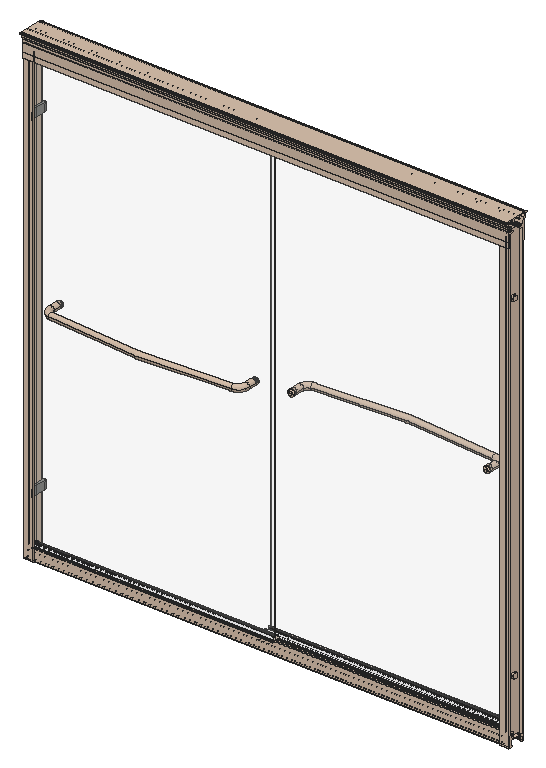
Revit family "Shower-Shower_Door-KOHLER-Fluence-K-702200_1", category Specialty Equipment, host Face, Revit 2021 (continued)
Definition of nested family "K-702200"
  Lines and regions (in)
    Masking region 3
      outline origin (25.14417, 2.44719, 48) x (0, 1, 0) y (0, 0, 1)
        loop
          line (0.16641, 1.53379) -> (0.16641, 7.03875) -> (0.23141, 7.03875) -> (0.23141, 7.67875)
          arc (0.23141, 7.67875) -> (0.24986, 8.28159) -> (0.30514, 8.88217) r 9.85743
          arc (0.30514, 8.88217) -> (0.32848, 9.03828) -> (0.35992, 9.19297) r 3.03223
          arc (0.35992, 9.19297) -> (0.38266, 9.30258) -> (0.4045, 9.41239) r 13.47898
        loop
          arc (0.5564, 9.9015) -> (0.55798, 9.91829) -> (0.54365, 9.92717) r 0.016
          line (0.54365, 9.92717) -> (-0.39357, 9.92717)
          arc (-0.39357, 9.92717) -> (-0.40806, 9.92117) -> (-0.41406, 9.90668) r 0.02049
          line (-0.41406, 9.90668) -> (-0.41406, 9.71831)
          arc (-0.41406, 9.71831) -> (-0.41008, 9.70034) -> (-0.39887, 9.68574) r 0.04252
          line (-0.39887, 9.68574) -> (-0.31509, 9.61544) -> (-0.31509, 9.55017) -> (-0.46406, 9.67517) -> (-0.46406, 9.9067)
          arc (-0.46406, 9.9067) -> (-0.47006, 9.92117) -> (-0.48453, 9.92717) r 0.02047
          line (-0.48453, 9.92717) -> (-1.27961, 9.92717)
          arc (-1.27961, 9.92717) -> (-1.29409, 9.92117) -> (-1.30008, 9.9067) r 0.02047
          line (-1.30008, 9.9067) -> (-1.30008, 9.67517) -> (-1.44905, 9.55017) -> (-1.44905, 9.61544) -> (-1.36527, 9.68574)
          arc (-1.36527, 9.68574) -> (-1.35407, 9.70034) -> (-1.35008, 9.71831) r 0.04252
          line (-1.35008, 9.71831) -> (-1.35008, 9.90611)
          arc (-1.35008, 9.90611) -> (-1.35625, 9.921) -> (-1.37114, 9.92717) r 0.02106
          line (-1.37114, 9.92717) -> (-2.30779, 9.92717)
          arc (-2.30779, 9.92717) -> (-2.32212, 9.91829) -> (-2.32054, 9.9015) r 0.016
          arc (-2.32054, 9.9015) -> (-2.19473, 9.69582) -> (-2.11215, 9.4693) r 1.211
          arc (-2.11215, 9.4693) -> (-2.03193, 9.10379) -> (-1.97656, 8.73369) r 5.54
          arc (-1.97656, 8.73369) -> (-1.96917, 8.71946) -> (-1.95418, 8.71375) r 0.02252
          line (-1.95418, 8.71375) -> (-1.80525, 8.71375)
          arc (-1.80525, 8.71375) -> (-1.79026, 8.70754) -> (-1.78405, 8.69255) r 0.02119
          line (-1.78405, 8.69255) -> (-1.78405, 8.65037)
          arc (-1.78405, 8.65037) -> (-1.71774, 8.62766) -> (-1.64876, 8.61522) r 0.46285
          arc (-1.64876, 8.61522) -> (-1.58441, 8.6214) -> (-1.52346, 8.64293) r 0.26583
          arc (-1.52346, 8.64293) -> (-1.50881, 8.65203) -> (-1.50309, 8.66829) r 0.02597
          line (-1.50309, 8.66829) -> (-1.50309, 8.76401)
          arc (-1.50309, 8.76401) -> (-1.47502, 8.76364) -> (-1.46109, 8.73927) r 0.02829
          line (-1.46109, 8.73927) -> (-1.46109, 8.66922)
          arc (-1.46109, 8.66922) -> (-1.46799, 8.6381) -> (-1.48738, 8.6128) r 0.07368
          arc (-1.48738, 8.6128) -> (-1.66515, 8.56463) -> (-1.83501, 8.63585) r 0.28353
          arc (-1.83501, 8.63585) -> (-1.85018, 8.64541) -> (-1.86779, 8.64875) r 0.04811
          line (-1.86779, 8.64875) -> (-1.94477, 8.64875)
          arc (-1.94477, 8.64875) -> (-1.95979, 8.6422) -> (-1.96523, 8.62674) r 0.02051
          arc (-1.96523, 8.62674) -> (-1.93922, 8.15306) -> (-1.93055, 7.67875) r 12.97575
          line (-1.93055, 7.67875) -> (-1.93055, 8.562) -> (-1.39274, 8.562) -> (-1.39274, 8.81932) -> (-1.40673, 8.79186) -> (-1.51678, 8.79186) -> (-1.51678, 8.66553) -> (-1.54686, 8.63545) -> (-1.73673, 8.63545) -> (-1.76678, 8.66551) -> (-1.76678, 9.3565) -> (-1.73679, 9.3865) -> (-1.54664, 9.3865) -> (-1.51678, 9.35664) -> (-1.51678, 9.2303) -> (-1.40673, 9.2303) -> (-1.39274, 9.20284) -> (-1.39274, 9.25601)
          arc (-1.39274, 9.25601) -> (-1.35274, 9.29601) -> (-1.31274, 9.25601) r 0.04
          line (-1.31274, 9.25601) -> (-1.31274, 8.562) -> (-0.4514, 8.562) -> (-0.4514, 9.25601)
          arc (-0.4514, 9.25601) -> (-0.4114, 9.29601) -> (-0.3714, 9.25601) r 0.04
          line (-0.3714, 9.25601) -> (-0.3714, 9.20284) -> (-0.35741, 9.2303) -> (-0.2464, 9.2303) -> (-0.2464, 9.3576) -> (-0.2175, 9.3865) -> (-0.0264, 9.3865) -> (0.0036, 9.3565) -> (0.0036, 8.66544) -> (-0.02639, 8.63545) -> (-0.21632, 8.63545) -> (-0.2464, 8.66553) -> (-0.2464, 8.79186) -> (-0.35741, 8.79186) -> (-0.3714, 8.81932) -> (-0.3714, 8.562) -> (0.16641, 8.562) -> (0.16641, 7.67875)
          arc (0.16641, 7.67875) -> (0.17508, 8.15306) -> (0.20108, 8.62674) r 12.97575
          arc (0.20108, 8.62674) -> (0.19565, 8.6422) -> (0.18062, 8.64875) r 0.02051
          line (0.18062, 8.64875) -> (0.10365, 8.64875)
          arc (0.10365, 8.64875) -> (0.08603, 8.64541) -> (0.07087, 8.63585) r 0.04811
          arc (0.07087, 8.63585) -> (-0.09441, 8.56498) -> (-0.26907, 8.60777) r 0.28353
          arc (-0.26907, 8.60777) -> (-0.29331, 8.63434) -> (-0.30209, 8.66922) r 0.07368
          line (-0.30209, 8.66922) -> (-0.30209, 8.73927)
          arc (-0.30209, 8.73927) -> (-0.28816, 8.76364) -> (-0.26009, 8.76401) r 0.02829
          line (-0.26009, 8.76401) -> (-0.26009, 8.66829)
          arc (-0.26009, 8.66829) -> (-0.25542, 8.65343) -> (-0.24308, 8.64391) r 0.02597
          arc (-0.24308, 8.64391) -> (-0.18105, 8.62416) -> (-0.11658, 8.6151) r 0.38663
          arc (-0.11658, 8.6151) -> (-0.04699, 8.62751) -> (0.01991, 8.65037) r 0.46285
          line (0.01991, 8.65037) -> (0.01991, 8.69255)
          arc (0.01991, 8.69255) -> (0.02611, 8.70754) -> (0.0411, 8.71375) r 0.02119
          line (0.0411, 8.71375) -> (0.19004, 8.71375)
          arc (0.19004, 8.71375) -> (0.20503, 8.71946) -> (0.21241, 8.73369) r 0.02252
          arc (0.21241, 8.73369) -> (0.26778, 9.10379) -> (0.34801, 9.4693) r 5.54
          arc (0.34801, 9.4693) -> (0.43058, 9.69582) -> (0.5564, 9.9015) r 1.211
        loop
          arc (-1.39637, -47.07406) -> (-1.40172, -47.08811) -> (-1.41555, -47.094) r 0.01919
          line (-1.41555, -47.094) -> (-1.4718, -47.094)
          arc (-1.4718, -47.094) -> (-1.48579, -47.0998) -> (-1.49159, -47.1138) r 0.0198
          line (-1.49159, -47.1138) -> (-1.49159, -47.23049) -> (-1.44467, -47.23049)
          arc (-1.44467, -47.23049) -> (-1.46122, -47.2238) -> (-1.46771, -47.20717) r 0.02254
          line (-1.46771, -47.20717) -> (-1.46431, -47.1098) -> (-1.432, -47.1098)
          arc (-1.432, -47.1098) -> (-1.41711, -47.11328) -> (-1.40529, -47.12299) r 0.03363
          arc (-1.40529, -47.12299) -> (-1.38613, -47.14138) -> (-1.36233, -47.15317) r 0.08743
          line (-1.36233, -47.15317) -> (-1.37943, -46.66399) -> (-1.41242, -46.66399) -> (-1.39637, -47.07406)
        loop
          line (-1.52671, -46.36082) -> (-1.6673, -46.34834) -> (-1.68477, -46.37612) -> (-1.52849, -46.39274) -> (-1.52671, -46.36082)
        loop
          line (0.09641, -47.435) -> (0.11641, -47.46964) -> (0.11641, -47.40036) -> (0.09641, -47.435)
    Masking region 4
      outline origin (0, -2.05628, 0) x (0, 0, -1) y (-1, 0, 0)
        loop
          line (-1.92631, 0.064) -> (-1.92631, 29.32911) -> (0.00009, 29.32911) -> (0.00009, 30.532) -> (-55.03875, 30.532) -> (-55.03875, 0.064) -> (-1.92631, 0.064)
    symbolic lines, detail levels medium+fine
      curve 1: circle (1.39417, 0, 28.85501) r 0.37506 normal (0, -1, 0)
      curve 2: circle (25.39417, 0, 28.85501) r 0.37506 normal (0, -1, 0)
      curve 3: arc (-2.8125, 0, 28.47942) -> (-2.43692, 0, 28.85501) -> (-2.8125, 0, 29.23059) r 0.37558
      curve 4: line (-2.8125, 0, 29.23059) -> (-26.8125, 0, 29.23059)
      curve 5: line (-2.8125, 0, 28.47942) -> (-26.8125, 0, 28.47942)
      curve 6: arc (-26.8125, 0, 29.23059) -> (-27.18808, 0, 28.85501) -> (-26.8125, 0, 28.47942) r 0.37558
      curve 7: line (-0.1001, 0, 55.03875) -> (29.11367, 0, 55.03875)
      curve 8: line (-29.32911, 0, 1.63095) -> (-29.32911, 0, 55.03875)
      curve 9: line (27.88876, 0, 0.016) -> (27.88876, 0, 55.03875)
      curve 10: line (-0.1001, 0, 1.92631) -> (-0.1001, 0, 55.03875)
      curve 11: line (0, 0, 1.41087) -> (0, 0, 1.92631)
      curve 12: line (1.01881, 3.134, 0) -> (1.77221, 3.134, 0)
      curve 13: line (-3.1924, 0, 0) -> (-2.42748, 0, 0)
      curve 14: line (25.00737, 3.134, 0) -> (25.76953, 3.134, 0)
      curve 15: line (-27.18554, 0, 0) -> (-26.43034, 0, 0)
      curve 16: line (27.88876, 0, 1.63095) -> (-29.32911, 0, 1.63095)
      curve 17: line (29.11367, 3.08477, 0) -> (-30.532, 3.08477, 0)
      curve 18: line (-30.532, 0.04923, 0) -> (29.11367, 0.04923, 0)
      curve 19: line (20.1048, 0.56672, 0) -> (20.1048, 0.56672, 56.562)
      curve 20: line (20.1048, 0.5327, 56.562) -> (20.1048, 0.5327, 0)
      curve 21: line (20.1048, 0.5247, 56.562) -> (20.1048, 0.5247, 0)
      curve 22: line (20.1048, 0.57472, 56.562) -> (20.1048, 0.57472, 0)
      curve 23: line (20.1048, 2.48253, 0.71783) -> (20.1048, 1.00253, 0.76951)
      curve 24: line (20.1048, 2.4825, 0.7488) -> (20.1048, 1.14254, 0.79507)
      curve 25: arc (20.1048, 2.56175, 0.64896) -> (20.1048, 2.54518, 0.71718) -> (20.1048, 2.4825, 0.7488) r 0.08372
      curve 26: arc (20.1048, 2.56302, 0.63448) -> (20.1048, 2.53961, 0.69242) -> (20.1048, 2.48253, 0.71783) r 0.0834
      curve 27: line (20.1048, 0.982, 0.86506) -> (20.1048, 1.00716, 0.86506)
      curve 28: arc (20.1048, 1.00716, 0.86506) -> (20.1048, 1.0217, 0.86307) -> (20.1048, 1.03517, 0.85725) r 0.0541
      curve 29: line (20.1048, 1.06777, 1.33601) -> (20.1048, 1.05948, 1.57316)
      curve 30: line (20.1048, 1.03477, 1.33601) -> (20.1048, 1.02666, 1.5433)
      curve 31: line (20.1048, 0.97216, 1.60158) -> (20.1048, 0.9187, 1.60726)
      curve 32: arc (20.1048, 1.02666, 1.5433) -> (20.1048, 1.01026, 1.58259) -> (20.1048, 0.97216, 1.60158) r 0.061
      curve 33: arc (20.1048, 1.14254, 0.79507) -> (20.1048, 1.1043, 0.81047) -> (20.1048, 1.08486, 0.84683) r 0.06038
      curve 34: arc (20.1048, 1.03517, 0.85725) -> (20.1048, 1.05913, 0.84781) -> (20.1048, 1.08486, 0.84683) r 0.07667
      curve 35: line (20.1048, 1.00394, 1.63176) -> (20.1048, 0.92048, 1.63918)
      curve 36: line (20.1048, 0.77989, 1.65166) -> (20.1048, 0.72429, 1.65696)
      curve 37: line (20.1048, 0.76243, 1.62388) -> (20.1048, 0.70715, 1.62969)
      curve 38: arc (20.1048, 1.05948, 1.57316) -> (20.1048, 1.0428, 1.61297) -> (20.1048, 1.00394, 1.63176) r 0.06097
      curve 39: line (20.1048, 0.97031, 1.63475) -> (20.1048, 0.9686, 1.60195)
      curve 40: line (20.1048, 0.97641, 1.63421) -> (20.1048, 0.97641, 1.60097)
      curve 41: line (20.1048, 0.97641, 1.42237) -> (20.1048, 0.97641, 1.54893)
      curve 42: arc (20.1048, 0.98666, 1.41455) -> (20.1048, 0.9796, 1.41593) -> (20.1048, 0.97641, 1.42237) r 0.00811
      curve 43: arc (20.1048, 1.03247, 1.39494) -> (20.1048, 1.04897, 1.39026) -> (20.1048, 1.06596, 1.38782) r 0.12854
      curve 44: line (20.1048, 0.73576, 1.58146) -> (20.1048, 0.69494, 1.5858)
      curve 45: line (20.1048, 0.6746, 1.56751) -> (20.1048, 0.6746, 1.48969)
      curve 46: line (20.1048, 0.6296, 1.50495) -> (20.1048, 0.6296, 1.41568)
      curve 47: arc (20.1048, 0.69494, 1.5858) -> (20.1048, 0.68069, 1.58119) -> (20.1048, 0.6746, 1.56751) r 0.01839
      curve 48: arc (20.1048, 0.59121, 1.44543) -> (20.1048, 0.58974, 1.43659) -> (20.1048, 0.59121, 1.42775) r 0.02721
      curve 49: line (20.1048, 0.95641, 1.38601) -> (20.1048, 0.96597, 1.55698)
      curve 50: line (20.1048, 0.98778, 1.38601) -> (20.1048, 0.95641, 1.38601)
      curve 51: line (20.1048, 0.98115, 1.55537) -> (20.1048, 0.98974, 1.33601)
      curve 52: line (20.1048, 0.91618, 1.56227) -> (20.1048, 0.98115, 1.55537)
      curve 53: arc (20.1048, 0.96597, 1.55698) -> (20.1048, 0.97868, 1.54559) -> (20.1048, 0.98219, 1.52888) r 0.02743
      curve 54: line (20.1048, 1.03282, 1.38601) -> (20.1048, 1.06602, 1.38601)
      curve 55: line (20.1048, 1.06145, 0.78904) -> (20.1048, 1.64435, 0.76868)
      curve 56: arc (20.1048, 1.00382, 0.8065) -> (20.1048, 1.0315, 0.79401) -> (20.1048, 1.06145, 0.78904) r 0.11746
      curve 57: line (20.1048, 1.00382, 0.8065) -> (20.1048, 1.00382, 0.86506)
      curve 58: line (20.1048, 2.6056, 56.562) -> (20.1048, 2.6056, 0)
      curve 59: line (20.1048, 2.5716, 56.562) -> (20.1048, 2.5716, 0)
      curve 60: line (20.1048, 2.5636, 0) -> (20.1048, 2.5636, 0.53036)
      curve 61: line (20.1048, 2.6136, 0.14503) -> (20.1048, 2.6136, 1.60672)
      curve 62: line (20.1048, 2.5636, 0.59964) -> (20.1048, 2.5636, 56.562)
      curve 63: line (20.1048, 2.5496, 56.562) -> (20.1048, 2.5496, 0.71107)
      curve 64: arc (20.1048, 4.02527, 29.23003) -> (20.1048, 4.40029, 28.85501) -> (20.1048, 4.02527, 28.47999) r 0.37502
      curve 65: line (20.1048, 3.0406, 29.23003) -> (20.1048, 3.0406, 28.47999)
      curve 66: arc (20.1048, -0.89503, 29.23003) -> (20.1048, -1.27006, 28.85501) -> (20.1048, -0.89503, 28.47999) r 0.37502
      curve 67: line (20.1048, 0.08964, 29.23003) -> (20.1048, 0.08964, 28.47999)
      curve 68: arc (20.1048, 2.5476, 0) -> (20.1048, 2.55891, 0.00469) -> (20.1048, 2.5636, 0.016) r 0.016
      curve 69: line (20.1048, 1.68539, 7.67378) -> (20.1048, 1.46281, 7.67378)
      curve 70: arc (20.1048, 1.46281, 7.67378) -> (20.1048, 1.41862, 7.65548) -> (20.1048, 1.40032, 7.61129) r 0.06249
      curve 71: line (20.1048, 1.40032, 7.61129) -> (20.1048, 1.40032, 7.38871)
      curve 72: arc (20.1048, 1.40032, 7.38871) -> (20.1048, 1.41862, 7.34452) -> (20.1048, 1.46281, 7.32622) r 0.06249
      curve 73: line (20.1048, 1.46281, 7.32622) -> (20.1048, 1.68539, 7.32622)
      curve 74: arc (20.1048, 1.68539, 7.32622) -> (20.1048, 1.72958, 7.34452) -> (20.1048, 1.74788, 7.38871) r 0.06249
      curve 75: line (20.1048, 1.74788, 7.38871) -> (20.1048, 1.74788, 7.61129)
      curve 76: arc (20.1048, 1.74788, 7.61129) -> (20.1048, 1.72958, 7.65548) -> (20.1048, 1.68539, 7.67378) r 0.06249
      curve 77: line (20.1048, 1.69285, 7.74375) -> (20.1048, 1.45535, 7.74375)
      curve 78: arc (20.1048, 1.45535, 7.74375) -> (20.1048, 1.36696, 7.70714) -> (20.1048, 1.33035, 7.61875) r 0.125
      curve 79: line (20.1048, 1.33035, 7.61875) -> (20.1048, 1.33035, 7.38125)
      curve 80: arc (20.1048, 1.33035, 7.38125) -> (20.1048, 1.36696, 7.29286) -> (20.1048, 1.45535, 7.25625) r 0.125
      curve 81: line (20.1048, 1.45535, 7.25625) -> (20.1048, 1.69285, 7.25625)
      curve 82: arc (20.1048, 1.69285, 7.25625) -> (20.1048, 1.78124, 7.29286) -> (20.1048, 1.81785, 7.38125) r 0.125
      curve 83: line (20.1048, 1.81785, 7.38125) -> (20.1048, 1.81785, 7.61875)
      curve 84: arc (20.1048, 1.81785, 7.61875) -> (20.1048, 1.78124, 7.70714) -> (20.1048, 1.69285, 7.74375) r 0.125
      curve 85: line (20.1048, 1.69285, 7.73588) -> (20.1048, 1.45535, 7.73588)
      curve 86: arc (20.1048, 1.45535, 7.73588) -> (20.1048, 1.37253, 7.70157) -> (20.1048, 1.33822, 7.61875) r 0.11713
      curve 87: line (20.1048, 1.33822, 7.61875) -> (20.1048, 1.33822, 7.38125)
      curve 88: arc (20.1048, 1.33822, 7.38125) -> (20.1048, 1.37253, 7.29843) -> (20.1048, 1.45535, 7.26412) r 0.11713
      curve 89: line (20.1048, 1.45535, 7.26412) -> (20.1048, 1.69285, 7.26412)
      curve 90: arc (20.1048, 1.69285, 7.26412) -> (20.1048, 1.77567, 7.29843) -> (20.1048, 1.80997, 7.38125) r 0.11713
      curve 91: line (20.1048, 1.80997, 7.38125) -> (20.1048, 1.80997, 7.61875)
      curve 92: arc (20.1048, 1.80997, 7.61875) -> (20.1048, 1.77567, 7.70157) -> (20.1048, 1.69285, 7.73588) r 0.11713
      curve 93: line (20.1048, 2.68115, 7.3125) -> (20.1048, 2.68115, 7.6875)
      curve 94: arc (20.1048, 2.67509, 7.2568) -> (20.1048, 2.67963, 7.28449) -> (20.1048, 2.68115, 7.3125) r 0.25877
      curve 95: arc (20.1048, 2.67509, 7.2568) -> (20.1048, 2.64285, 7.23237) -> (20.1048, 2.6136, 7.26031) r 0.03119
      curve 96: arc (20.1048, 2.68115, 7.6875) -> (20.1048, 2.67967, 7.71473) -> (20.1048, 2.67525, 7.74164) r 0.25128
      curve 97: arc (20.1048, 2.67525, 7.74164) -> (20.1048, 2.64591, 7.7668) -> (20.1048, 2.6136, 7.74558) r 0.03215
      curve 98: line (20.1048, 2.67043, 7.75282) -> (20.1048, 2.67043, 7.87253)
      curve 99: arc (20.1048, 2.67043, 7.87253) -> (20.1048, 2.66962, 7.89711) -> (20.1048, 2.66721, 7.92159) r 0.3763
      curve 100: arc (20.1048, 2.6136, 7.9674) -> (20.1048, 2.64369, 7.94834) -> (20.1048, 2.66721, 7.92159) r 0.12537
      curve 101: line (20.1048, 2.6136, 7.97377) -> (20.1048, 2.6136, 7.0272)
      curve 102: arc (20.1048, 2.66721, 7.92159) -> (20.1048, 2.63573, 7.93184) -> (20.1048, 2.6136, 7.90723) r 0.03036
      curve 103: arc (20.1048, 2.68115, 7.3125) -> (20.1048, 2.67967, 7.28527) -> (20.1048, 2.67525, 7.25836) r 0.25128
      curve 104: arc (20.1048, 2.67525, 7.25836) -> (20.1048, 2.64591, 7.2332) -> (20.1048, 2.6136, 7.25442) r 0.03215
      curve 105: line (20.1048, 2.67043, 7.24718) -> (20.1048, 2.67043, 7.12747)
      curve 106: arc (20.1048, 2.67043, 7.12747) -> (20.1048, 2.66962, 7.10289) -> (20.1048, 2.66721, 7.07841) r 0.3763
      curve 107: arc (20.1048, 2.6136, 7.0326) -> (20.1048, 2.64369, 7.05166) -> (20.1048, 2.66721, 7.07841) r 0.12537
      curve 108: arc (20.1048, 2.66721, 7.07841) -> (20.1048, 2.63573, 7.06816) -> (20.1048, 2.6136, 7.09277) r 0.03036
      curve 109: line (20.1048, 2.68115, 48.87493) -> (20.1048, 2.68115, 49.24993)
      curve 110: arc (20.1048, 2.67509, 48.81923) -> (20.1048, 2.67963, 48.84691) -> (20.1048, 2.68115, 48.87493) r 0.25877
      curve 111: arc (20.1048, 2.67509, 48.81923) -> (20.1048, 2.64285, 48.7948) -> (20.1048, 2.6136, 48.82273) r 0.03119
      curve 112: arc (20.1048, 2.68115, 49.24993) -> (20.1048, 2.67967, 49.27716) -> (20.1048, 2.67525, 49.30407) r 0.25128
      curve 113: arc (20.1048, 2.67525, 49.30407) -> (20.1048, 2.64591, 49.32922) -> (20.1048, 2.6136, 49.308) r 0.03215
      curve 114: line (20.1048, 2.67043, 49.31524) -> (20.1048, 2.67043, 49.43495)
      curve 115: arc (20.1048, 2.67043, 49.43495) -> (20.1048, 2.66962, 49.45954) -> (20.1048, 2.66721, 49.48402) r 0.3763
      curve 116: arc (20.1048, 2.6136, 49.52982) -> (20.1048, 2.64369, 49.51077) -> (20.1048, 2.66721, 49.48402) r 0.12537
      curve 117: line (20.1048, 2.6136, 49.53379) -> (20.1048, 2.6136, 48.58907)
      curve 118: arc (20.1048, 2.66721, 49.48402) -> (20.1048, 2.63573, 49.49427) -> (20.1048, 2.6136, 49.46965) r 0.03036
      curve 119: arc (20.1048, 2.68115, 48.87493) -> (20.1048, 2.67967, 48.8477) -> (20.1048, 2.67525, 48.82079) r 0.25128
      curve 120: arc (20.1048, 2.67525, 48.82079) -> (20.1048, 2.64591, 48.79563) -> (20.1048, 2.6136, 48.81685) r 0.03215
      curve 121: line (20.1048, 2.67043, 48.80961) -> (20.1048, 2.67043, 48.6899)
      curve 122: arc (20.1048, 2.67043, 48.6899) -> (20.1048, 2.66962, 48.66532) -> (20.1048, 2.66721, 48.64083) r 0.3763
      curve 123: arc (20.1048, 2.6136, 48.59503) -> (20.1048, 2.64369, 48.61409) -> (20.1048, 2.66721, 48.64083) r 0.12537
      curve 124: arc (20.1048, 2.66721, 48.64083) -> (20.1048, 2.63573, 48.63059) -> (20.1048, 2.6136, 48.6552) r 0.03036
      curve 125: line (20.1048, 1.68539, 49.23578) -> (20.1048, 1.46281, 49.23578)
      curve 126: arc (20.1048, 1.46281, 49.23578) -> (20.1048, 1.41862, 49.21748) -> (20.1048, 1.40032, 49.17329) r 0.06249
      curve 127: line (20.1048, 1.40032, 49.17329) -> (20.1048, 1.40032, 48.95071)
      curve 128: arc (20.1048, 1.40032, 48.95071) -> (20.1048, 1.41862, 48.90652) -> (20.1048, 1.46281, 48.88822) r 0.06249
      curve 129: line (20.1048, 1.46281, 48.88822) -> (20.1048, 1.68539, 48.88822)
      curve 130: arc (20.1048, 1.68539, 48.88822) -> (20.1048, 1.72958, 48.90652) -> (20.1048, 1.74788, 48.95071) r 0.06249
      curve 131: line (20.1048, 1.74788, 48.95071) -> (20.1048, 1.74788, 49.17329)
      curve 132: arc (20.1048, 1.74788, 49.17329) -> (20.1048, 1.72958, 49.21748) -> (20.1048, 1.68539, 49.23578) r 0.06249
      curve 133: line (20.1048, 1.69285, 49.30575) -> (20.1048, 1.45535, 49.30575)
      curve 134: arc (20.1048, 1.45535, 49.30575) -> (20.1048, 1.36696, 49.26914) -> (20.1048, 1.33035, 49.18075) r 0.125
      curve 135: line (20.1048, 1.33035, 49.18075) -> (20.1048, 1.33035, 48.94325)
      curve 136: arc (20.1048, 1.33035, 48.94325) -> (20.1048, 1.36696, 48.85486) -> (20.1048, 1.45535, 48.81825) r 0.125
      curve 137: line (20.1048, 1.45535, 48.81825) -> (20.1048, 1.69285, 48.81825)
      curve 138: arc (20.1048, 1.69285, 48.81825) -> (20.1048, 1.78124, 48.85486) -> (20.1048, 1.81785, 48.94325) r 0.125
      curve 139: line (20.1048, 1.81785, 48.94325) -> (20.1048, 1.81785, 49.18075)
      curve 140: arc (20.1048, 1.81785, 49.18075) -> (20.1048, 1.78124, 49.26914) -> (20.1048, 1.69285, 49.30575) r 0.125
      curve 141: line (20.1048, 1.69285, 49.29788) -> (20.1048, 1.45535, 49.29788)
      curve 142: arc (20.1048, 1.45535, 49.29788) -> (20.1048, 1.37253, 49.26357) -> (20.1048, 1.33822, 49.18075) r 0.11713
      curve 143: line (20.1048, 1.33822, 49.18075) -> (20.1048, 1.33822, 48.94325)
      curve 144: arc (20.1048, 1.33822, 48.94325) -> (20.1048, 1.37253, 48.86043) -> (20.1048, 1.45535, 48.82612) r 0.11713
      curve 145: line (20.1048, 1.45535, 48.82612) -> (20.1048, 1.69285, 48.82612)
      curve 146: arc (20.1048, 1.69285, 48.82612) -> (20.1048, 1.77567, 48.86043) -> (20.1048, 1.80997, 48.94325) r 0.11713
      curve 147: line (20.1048, 1.80997, 48.94325) -> (20.1048, 1.80997, 49.18075)
      curve 148: arc (20.1048, 1.80997, 49.18075) -> (20.1048, 1.77567, 49.26357) -> (20.1048, 1.69285, 49.29788) r 0.11713
      curve 149: arc (20.1048, 2.65288, 1.52525) -> (20.1048, 2.64228, 1.55963) -> (20.1048, 2.6136, 1.58135) r 0.05862
      curve 150: arc (20.1048, 1.64435, 0.76868) -> (20.1048, 1.66747, 0.77017) -> (20.1048, 1.68984, 0.77617) r 0.11719
      curve 151: line (20.1048, 1.9853, 0.75678) -> (20.1048, 2.46298, 0.7401)
      curve 152: arc (20.1048, 1.94075, 0.76751) -> (20.1048, 1.96248, 0.75989) -> (20.1048, 1.9853, 0.75678) r 0.11452
      curve 153: arc (20.1048, 2.46298, 0.7401) -> (20.1048, 2.48363, 0.74103) -> (20.1048, 2.50386, 0.74526) r 0.12887
      curve 154: line (20.1048, 2.6136, 55.67875) -> (20.1048, 2.6136, 55.03875)
      curve 155: line (20.1048, 2.4208, 56.63545) -> (20.1048, 2.42079, 57.3865)
      curve 156: line (20.1048, 2.20079, 57.2303) -> (20.1048, 2.20079, 56.79186)
      curve 157: line (20.1048, 2.22989, 57.3867) -> (20.1048, 2.23087, 56.63545)
      curve 158: line (20.1048, 2.07579, 57.20284) -> (20.1048, 2.07579, 56.81932)
      curve 159: line (20.1048, 2.08978, 57.2303) -> (20.1048, 2.08978, 56.79186)
      curve 160: line (20.1048, 0.71046, 56.63545) -> (20.1048, 0.71041, 57.3865)
      curve 161: line (20.1048, 0.93041, 57.2303) -> (20.1048, 0.93041, 56.79186)
      curve 162: line (20.1048, 0.90055, 57.3865) -> (20.1048, 0.90033, 56.63545)
      curve 163: line (20.1048, 1.05445, 57.20284) -> (20.1048, 1.05445, 56.81932)
      curve 164: line (20.1048, 1.04046, 57.2303) -> (20.1048, 1.04046, 56.79186)
      curve 165: line (20.1048, 1.13445, 56.562) -> (20.1048, 1.05445, 56.562)
      curve 166: line (20.1048, 2.07579, 56.562) -> (20.1048, 1.99579, 56.562)
      curve 167: line (20.1048, 0.51664, 55.67875) -> (20.1048, 0.51664, 55.03875)
      curve 168: line (20.1048, 0.51664, 29.23003) -> (20.1048, 0.51668, 28.47999)
      curve 169: line (20.1048, 2.6136, 29.23003) -> (20.1048, 2.6136, 28.47999)
      curve 170: line (-0.1001, 0, 1.92631) -> (27.88876, 0, 1.92631)
      curve 171: line (0, 0, 1.41087) -> (-29.32911, 0, 1.41087)
  Dimensions and locks (in)
    locked: plane 13 to plane 11 at 24
    locked: plane 12 to plane 4 at 0.907
    locked: plane 11 to plane 4 at 3.7195
    locked: plane 13 to plane 21 at 0.25
    locked: Sweep 14 sketch curve to plane 11 at 0.37489
    locked: plane 5 to plane 3 "Center (Left/Right)" at 30.532
    locked: Extrusion 13 sketch curve to plane 12 at 0.06252
    locked: plane 17 to plane 11 at 12
    locked: plane 18 to plane 4 at 3.9695
    locked: plane 24 "door2" to plane 5 at 30.468
    "Walk Thru": plane 23 to plane 24 "door2"
    locked: plane 14 to plane 15 at 24
    locked: plane 26 to plane 13 at 2.83317
    locked: Extrusion 13 sketch curve to plane 13 at 2.77108
    "Width": plane 4 to plane 5
    plane 23 to plane 4 = 1.22491"
    locked: Extrusion 26 sketch curve to plane 4 at 0.99017
    locked: plane 27 to plane 4 at 0.4825
    locked: plane 25 to Masking region 1 sketch curve at 12.38502
    locked: Masking region 1 sketch curve to plane 17 at 12.37536
    plane 29 to plane 30 = 53.4078"
    aligned and locked: plane 2 to level
    aligned and locked: plane 4 to Extrusion 4
    aligned and locked: Extrusion 11 to plane 12
    aligned and locked: plane 3 "Center (Left/Right)" to Extrusion 12
    aligned and locked: plane 4 to Extrusion 1
    aligned and locked: plane 4 to Extrusion 20
    aligned and locked: plane 23 to Extrusion 2
    aligned and locked: plane 4 to Extrusion 2
    aligned and locked: Extrusion 21 to plane 5
    aligned and locked: Extrusion 11 to plane 26
    aligned and locked: Extrusion 29 to plane 27
    aligned and locked: Extrusion 30 to plane 27
    aligned and locked: plane 4 to Masking region 1 sketch curve
    aligned and locked: Masking region 2 sketch curve to plane 4
    aligned and locked: Masking region 2 sketch curve to plane 6
    aligned and locked: plane 4 to Extrusion 34
    aligned and locked: Extrusion 34 to plane 5
    aligned and locked: Extrusion 35 sketch curve to plane 4
  Automatic sketch dimensions
    Extrusion 1 sketch curve to Extrusion 1 sketch curve = 0.01088"
    Extrusion 1 sketch curve to Extrusion 1 sketch curve = 0.01354"
    Extrusion 1 sketch curve to Extrusion 1 sketch curve = 0.00676"
    Extrusion 1 sketch curve to Extrusion 1 sketch curve = 0.00012"
    Extrusion 1 sketch curve to Extrusion 1 sketch curve = 0.0152"
    Extrusion 1 sketch curve to Extrusion 1 sketch curve = 0.0446"
    Extrusion 1 sketch curve to Extrusion 1 sketch curve = 0.0198"
    Extrusion 1 sketch curve to Extrusion 1 sketch curve = 0.07857"
    Extrusion 1 sketch curve to Extrusion 1 sketch curve = 0.07928"
    Extrusion 1 sketch curve to Extrusion 1 sketch curve = 0.04638"
    Extrusion 1 sketch curve to Extrusion 1 sketch curve = 0.06893"
    Extrusion 1 sketch curve to Extrusion 1 sketch curve = 0.01498"
    Extrusion 1 sketch curve to Extrusion 1 sketch curve = 0.016"
    Extrusion 1 sketch curve to Extrusion 1 sketch curve = 0.04649"  (x2)
    Extrusion 1 sketch curve to Extrusion 1 sketch curve = 0.04899"
    Extrusion 1 sketch curve to Extrusion 1 sketch curve = 0.01499"
    Extrusion 1 sketch curve to Extrusion 1 sketch curve = 0.09467"
    Extrusion 1 sketch curve to Extrusion 1 sketch curve = 0.02589"
    Extrusion 1 sketch curve to Extrusion 1 sketch curve = 0.00645"
    Extrusion 1 sketch curve to Extrusion 1 sketch curve = 0"  (x5)
    Extrusion 1 sketch curve to Extrusion 1 sketch curve = 0.0849"
    Extrusion 1 sketch curve to Extrusion 1 sketch curve = 0.00072"
    Extrusion 2 sketch curve to plane 1 "Center (Front/Back)" = 0.58649"
    Extrusion 2 sketch curve to Extrusion 2 sketch curve = 0.41479"
    Extrusion 2 sketch curve to Extrusion 2 sketch curve = 0.00527"
    Extrusion 2 sketch curve to Extrusion 2 sketch curve = 0.05956"
    Extrusion 2 sketch curve to plane 7 = 0.48042"
    Extrusion 2 sketch curve to Extrusion 2 sketch curve = 0.05628"
    Extrusion 2 sketch curve to Extrusion 2 sketch curve = 0.00201"
    plane 16 to Extrusion 2 sketch curve = 0.5813"
    Extrusion 2 sketch curve to level = 0.19685"
    level to Extrusion 2 sketch curve = 0.74642"
    level to Extrusion 2 sketch curve = 0.79512"
    Extrusion 2 sketch curve to Extrusion 2 sketch curve = 0.05626"
    Extrusion 2 sketch curve to Extrusion 2 sketch curve = 0.72091"
    Extrusion 2 sketch curve to Extrusion 2 sketch curve = 0.00208"
    Extrusion 2 sketch curve to Extrusion 2 sketch curve = 0.0373"
    Extrusion 3 sketch curve to plane 5 = 0"  (x2)
    plane 5 to Extrusion 3 sketch curve = 0.41613"
    plane 5 to Extrusion 3 sketch curve = 0.46097"
    plane 5 to Extrusion 3 sketch curve = 0.46214"
    Extrusion 3 sketch curve to Extrusion 3 sketch curve = 0.02103"  (x2)
    Extrusion 3 sketch curve to Extrusion 3 sketch curve = 0.02786"  (x2)
    plane 5 to Extrusion 3 sketch curve = 0.50787"
    plane 5 to Extrusion 3 sketch curve = 0.51877"
    Extrusion 3 sketch curve to Extrusion 3 sketch curve = 0.05"
    Extrusion 3 sketch curve to Extrusion 3 sketch curve = 0.02094"
    Extrusion 3 sketch curve to Extrusion 3 sketch curve = 0.62561"
    plane 9 "F" to Extrusion 3 sketch curve = 10.95005"
    Extrusion 3 sketch curve to Extrusion 3 sketch curve = 1.71819"
    Extrusion 3 sketch curve to Extrusion 3 sketch curve = 3.79"
    Extrusion 3 sketch curve to plane 1 "Center (Front/Back)" = 0.52591"
    Extrusion 3 sketch curve to plane 1 "Center (Front/Back)" = 0.54324"
    Extrusion 3 sketch curve to Extrusion 3 sketch curve = 0.04958"
    Extrusion 3 sketch curve to Extrusion 3 sketch curve = 0.02083"
    plane 16 to Extrusion 3 sketch curve = 0.58886"
    Extrusion 3 sketch curve to Extrusion 3 sketch curve = 0"  (x2)
    Extrusion 4 sketch curve to plane 1 "Center (Front/Back)" = 0"
    Extrusion 4 sketch curve to plane 16 = 0"
    plane 1 "Center (Front/Back)" to Extrusion 4 sketch curve = 0.34894"
    plane 22 to Extrusion 4 sketch curve = 0.21268"  (x2)
    Extrusion 4 sketch curve to Extrusion 4 sketch curve = 0.33968"  (x2)
    Extrusion 4 sketch curve to Extrusion 4 sketch curve = 0.01329"  (x2)
    Extrusion 4 sketch curve to Extrusion 4 sketch curve = 0.14738"  (x2)
    Extrusion 4 sketch curve to plane 22 = 0.24782"  (x2)
    Extrusion 4 sketch curve to plane 9 "F" = 0.52159"
    plane 9 "F" to Extrusion 4 sketch curve = 0.573"
    Extrusion 4 sketch curve to plane 22 = 0.91156"  (x2)
    Extrusion 4 sketch curve to Extrusion 4 sketch curve = 2.40131"  (x2)
    Extrusion 4 sketch curve to plane 22 = 1.33233"  (x4)
    Extrusion 4 sketch curve to Extrusion 4 sketch curve = 4.37284"  (x2)
    plane 6 to Extrusion 4 sketch curve = 1.9575"  (x2)
    Extrusion 4 sketch curve to Extrusion 4 sketch curve = 0.97437"  (x2)
    Extrusion 4 sketch curve to Extrusion 4 sketch curve = 3.05332"  (x2)
    Extrusion 4 sketch curve to plane 1 "Center (Front/Back)" = 0.03519"
    Extrusion 4 sketch curve to Extrusion 4 sketch curve = 0.00993"  (x2)
    Extrusion 4 sketch curve to Extrusion 4 sketch curve = 0.09663"
    Extrusion 4 sketch curve to plane 6 = 0.03188"
    Extrusion 4 sketch curve to Extrusion 4 sketch curve = 0.05224"  (x2)
    Extrusion 4 sketch curve to plane 1 "Center (Front/Back)" = 0.454"
    Extrusion 4 sketch curve to plane 22 = 0.29733"
    Extrusion 4 sketch curve to plane 1 "Center (Front/Back)" = 0.49537"
    Extrusion 4 sketch curve to Extrusion 4 sketch curve = 0.00942"  (x2)
    Extrusion 4 sketch curve to Extrusion 4 sketch curve = 0.065"  (x2)
    Extrusion 4 sketch curve to Extrusion 4 sketch curve = 0.07698"  (x2)
    Extrusion 4 sketch curve to Extrusion 4 sketch curve = 0.06255"
    Extrusion 4 sketch curve to Extrusion 4 sketch curve = 0.02119"  (x2)
    plane 22 to Extrusion 4 sketch curve = 0.10893"  (x2)
    Extrusion 4 sketch curve to Extrusion 4 sketch curve = 0.10922"
    Extrusion 4 sketch curve to Extrusion 4 sketch curve = 0.1368"  (x2)
    Extrusion 4 sketch curve to Extrusion 4 sketch curve = 0"  (x22)
    Extrusion 4 sketch curve to Extrusion 4 sketch curve = 0.14983"  (x2)
    Extrusion 4 sketch curve to Extrusion 4 sketch curve = 0.11152"
    Extrusion 4 sketch curve to Extrusion 4 sketch curve = 0.00571"  (x2)
    Extrusion 4 sketch curve to Extrusion 4 sketch curve = 0.02597"  (x2)
    Extrusion 4 sketch curve to Extrusion 4 sketch curve = 0.01371"  (x2)
    Extrusion 4 sketch curve to Extrusion 4 sketch curve = 0.02829"  (x2)
    Extrusion 4 sketch curve to Extrusion 4 sketch curve = 0.09715"  (x2)
    Extrusion 4 sketch curve to Extrusion 4 sketch curve = 0.06313"
    Extrusion 4 sketch curve to Extrusion 4 sketch curve = 0.02304"
    Extrusion 4 sketch curve to plane 6 = 0.10188"
    Extrusion 4 sketch curve to Extrusion 4 sketch curve = 0.03584"
    Extrusion 4 sketch curve to Extrusion 4 sketch curve = 0.05"  (x2)
    plane 7 to Extrusion 4 sketch curve = 0.41801"
    Extrusion 4 sketch curve to plane 6 = 0.34331"
    Extrusion 4 sketch curve to Extrusion 4 sketch curve = 0.01519"
    Extrusion 4 sketch curve to Extrusion 4 sketch curve = 0.04252"
    Extrusion 4 sketch curve to Extrusion 4 sketch curve = 0.08378"
    plane 7 to Extrusion 4 sketch curve = 0.57998"
    Extrusion 4 sketch curve to Extrusion 4 sketch curve = 0.1432"
    Extrusion 4 sketch curve to Extrusion 4 sketch curve = 0.08374"
    plane 16 to Extrusion 4 sketch curve = 0.519"
    plane 16 to Extrusion 4 sketch curve = 0.194"
    Extrusion 4 sketch curve to Extrusion 4 sketch curve = 0.04512"
    Extrusion 4 sketch curve to plane 16 = 0.34894"
    Extrusion 4 sketch curve to plane 8 = 0.52063"
    plane 8 to Extrusion 4 sketch curve = 0.57396"
    Extrusion 4 sketch curve to Extrusion 4 sketch curve = 0.64"  (x2)
    Extrusion 4 sketch curve to plane 22 = 0.49909"  (x2)
    Extrusion 4 sketch curve to Extrusion 4 sketch curve = 0.28153"
    Extrusion 4 sketch curve to Extrusion 4 sketch curve = 0.09191"
    Extrusion 4 sketch curve to Extrusion 4 sketch curve = 0.0276"  (x2)
    Extrusion 4 sketch curve to Extrusion 4 sketch curve = 0.04811"  (x2)
    Extrusion 4 sketch curve to Extrusion 4 sketch curve = 0.04218"  (x2)
    Extrusion 4 sketch curve to Extrusion 4 sketch curve = 0.00162"
    Extrusion 4 sketch curve to Extrusion 4 sketch curve = 0.01792"  (x2)
    Extrusion 4 sketch curve to Extrusion 4 sketch curve = 0.00093"  (x2)
    Extrusion 4 sketch curve to Extrusion 4 sketch curve = 0.02252"  (x2)
    Extrusion 4 sketch curve to Extrusion 4 sketch curve = 0.07005"  (x2)
    Extrusion 4 sketch curve to Extrusion 4 sketch curve = 0.07354"  (x2)
    Extrusion 4 sketch curve to Extrusion 4 sketch curve = 0.00022"  (x2)
    Extrusion 4 sketch curve to Extrusion 4 sketch curve = 0.05388"  (x2)
    Extrusion 4 sketch curve to Extrusion 4 sketch curve = 0.16913"  (x2)
    Extrusion 4 sketch curve to Extrusion 4 sketch curve = 0.08023"  (x2)
    Extrusion 4 sketch curve to Extrusion 4 sketch curve = 0.26103"
    Extrusion 4 sketch curve to Extrusion 4 sketch curve = 0.13557"
    Extrusion 4 sketch curve to Extrusion 4 sketch curve = 0.26332"  (x2)
    Extrusion 4 sketch curve to Extrusion 4 sketch curve = 0.06527"  (x2)
    Extrusion 4 sketch curve to Extrusion 4 sketch curve = 0.05973"
    Extrusion 4 sketch curve to Extrusion 4 sketch curve = 0.01057"
    Extrusion 4 sketch curve to Extrusion 4 sketch curve = 0.01257"
    Extrusion 4 sketch curve to Extrusion 4 sketch curve = 0.086"
    Extrusion 4 sketch curve to Extrusion 4 sketch curve = 0.016"  (x2)
    Extrusion 4 sketch curve to plane 6 = 0.05992"  (x2)
    Extrusion 4 sketch curve to Extrusion 4 sketch curve = 0.02453"  (x2)
    Extrusion 4 sketch curve to plane 6 = 0.02838"  (x2)
    plane 6 to Extrusion 4 sketch curve = 0.33797"  (x2)
    plane 22 to Extrusion 4 sketch curve = 0.18189"  (x2)
    Extrusion 4 sketch curve to Extrusion 4 sketch curve = 0.00254"
    plane 7 to Extrusion 5 sketch curve = 0.24067"
    Extrusion 5 sketch curve to Extrusion 5 sketch curve = 0.02171"
    Extrusion 5 sketch curve to Extrusion 5 sketch curve = 0.0005"
    Extrusion 5 sketch curve to Extrusion 5 sketch curve = 0.03279"  (x2)
    Extrusion 5 sketch curve to Extrusion 5 sketch curve = 0.04"  (x2)
    Extrusion 5 sketch curve to Extrusion 5 sketch curve = 0.0325"
    Extrusion 5 sketch curve to Extrusion 5 sketch curve = 0.045"
    Extrusion 5 sketch curve to Extrusion 5 sketch curve = 0.04491"
    Extrusion 5 sketch curve to Extrusion 5 sketch curve = 1/16"  (x2)
    Extrusion 5 sketch curve to Extrusion 5 sketch curve = 0.07936"
    Extrusion 5 sketch curve to Extrusion 5 sketch curve = 0.05573"
    Extrusion 5 sketch curve to Extrusion 5 sketch curve = 0.029"
    Extrusion 5 sketch curve to Extrusion 5 sketch curve = 0.056"
    Extrusion 5 sketch curve to Extrusion 5 sketch curve = 0.00102"
    Extrusion 5 sketch curve to Extrusion 5 sketch curve = 0.111"
    Extrusion 5 sketch curve to plane 22 = 1.77643"
    Extrusion 5 sketch curve to Extrusion 5 sketch curve = 0.00048"
    Extrusion 5 sketch curve to Extrusion 5 sketch curve = 0.01155"
    Extrusion 5 sketch curve to Extrusion 5 sketch curve = 0.01107"
    Extrusion 5 sketch curve to plane 22 = 0.73707"
    Extrusion 5 sketch curve to Extrusion 5 sketch curve = 0"  (x2)
    Extrusion 5 sketch curve to Extrusion 5 sketch curve = 0.00009"
    Extrusion 5 sketch curve to Extrusion 5 sketch curve = 0.11211"
    plane 22 to Extrusion 5 sketch curve = 0.24493"
    plane 7 to Extrusion 6 sketch curve = 0.24067"
    Extrusion 6 sketch curve to Extrusion 6 sketch curve = 0.02171"
    Extrusion 6 sketch curve to Extrusion 6 sketch curve = 0.0005"
    Extrusion 6 sketch curve to Extrusion 6 sketch curve = 0.03279"  (x2)
    Extrusion 6 sketch curve to Extrusion 6 sketch curve = 0.04"  (x2)
    Extrusion 6 sketch curve to Extrusion 6 sketch curve = 0.0325"
    Extrusion 6 sketch curve to Extrusion 6 sketch curve = 0.045"
    Extrusion 6 sketch curve to Extrusion 6 sketch curve = 0.04491"
    Extrusion 6 sketch curve to Extrusion 6 sketch curve = 1/16"  (x2)
    Extrusion 6 sketch curve to Extrusion 6 sketch curve = 0.07936"
    Extrusion 6 sketch curve to Extrusion 6 sketch curve = 0.05573"
    Extrusion 6 sketch curve to Extrusion 6 sketch curve = 0.029"
    Extrusion 6 sketch curve to Extrusion 6 sketch curve = 0.056"
    Extrusion 6 sketch curve to Extrusion 6 sketch curve = 0.00102"
    Extrusion 6 sketch curve to Extrusion 6 sketch curve = 0.111"
    plane 22 to Extrusion 6 sketch curve = 1.77643"
    Extrusion 6 sketch curve to Extrusion 6 sketch curve = 0.00048"
    Extrusion 6 sketch curve to Extrusion 6 sketch curve = 0.01155"
    Extrusion 6 sketch curve to Extrusion 6 sketch curve = 0.01107"
    plane 22 to Extrusion 6 sketch curve = 0.73707"
    Extrusion 6 sketch curve to Extrusion 6 sketch curve = 0"  (x2)
    Extrusion 6 sketch curve to Extrusion 6 sketch curve = 0.00009"
    Extrusion 6 sketch curve to Extrusion 6 sketch curve = 0.11211"
    Extrusion 6 sketch curve to plane 22 = 0.24493"
    Extrusion 7 sketch curve to plane 7 = 0.70067"
    Extrusion 7 sketch curve to Extrusion 7 sketch curve = 0.02119"
    Extrusion 7 sketch curve to Extrusion 7 sketch curve = 0.00102"
    Extrusion 7 sketch curve to Extrusion 7 sketch curve = 0.03279"  (x2)
    Extrusion 7 sketch curve to Extrusion 7 sketch curve = 0.056"
    Extrusion 7 sketch curve to Extrusion 7 sketch curve = 0.0165"
    Extrusion 7 sketch curve to Extrusion 7 sketch curve = 0.029"
    plane 22 to Extrusion 7 sketch curve = 0.24493"
    Extrusion 7 sketch curve to plane 7 = 0.51067"
    Extrusion 7 sketch curve to Extrusion 7 sketch curve = 0.05573"
    Extrusion 7 sketch curve to Extrusion 7 sketch curve = 0.04"  (x2)
    Extrusion 7 sketch curve to Extrusion 7 sketch curve = 0.07936"
    Extrusion 7 sketch curve to Extrusion 7 sketch curve = 0.04491"
    Extrusion 7 sketch curve to Extrusion 7 sketch curve = 1/16"
    Extrusion 7 sketch curve to Extrusion 7 sketch curve = 0.045"
    Extrusion 7 sketch curve to Extrusion 7 sketch curve = 0.0005"
    Extrusion 7 sketch curve to Extrusion 7 sketch curve = 0.02171"
    Extrusion 7 sketch curve to plane 22 = 0.53496"
    Extrusion 7 sketch curve to Extrusion 7 sketch curve = 0"  (x2)
    Extrusion 7 sketch curve to Extrusion 7 sketch curve = 0.11211"
    Extrusion 7 sketch curve to Extrusion 7 sketch curve = 0.00527"
    Extrusion 7 sketch curve to Extrusion 7 sketch curve = 0.00009"
    Extrusion 7 sketch curve to Extrusion 7 sketch curve = 1.0278"
    Extrusion 7 sketch curve to Extrusion 7 sketch curve = 0.01107"
    Extrusion 7 sketch curve to Extrusion 7 sketch curve = 0.01155"
    Revolve 8 sketch curve to plane 22 = 0"  (x2)
    Revolve 8 sketch curve to plane 1 "Center (Front/Back)" = 0.68181"
    Revolve 8 sketch curve to Revolve 8 sketch curve = 0.03009"
    Revolve 8 sketch curve to Revolve 8 sketch curve = 0.18985"
    Revolve 8 sketch curve to Revolve 8 sketch curve = 0.03006"  (x2)
    Revolve 8 sketch curve to Revolve 8 sketch curve = 0.11005"
    Revolve 8 sketch curve to Revolve 8 sketch curve = 0.02401"  (x2)
    Revolve 8 sketch curve to Revolve 8 sketch curve = 0.19521"
    Revolve 8 sketch curve to Revolve 8 sketch curve = 0.12631"
    Revolve 8 sketch curve to Revolve 8 sketch curve = 0.12635"
    Revolve 8 sketch curve to Revolve 8 sketch curve = 0.08587"
    Revolve 8 sketch curve to Revolve 8 sketch curve = 0.02016"
    Revolve 9 sketch curve to plane 22 = 0"  (x2)
    plane 7 to Revolve 9 sketch curve = 0.50065"
    Revolve 9 sketch curve to Revolve 9 sketch curve = 0.02401"  (x2)
    Revolve 9 sketch curve to Revolve 9 sketch curve = 0.11005"
    Revolve 9 sketch curve to Revolve 9 sketch curve = 0.03006"  (x2)
    Revolve 9 sketch curve to Revolve 9 sketch curve = 0.18985"
    Revolve 9 sketch curve to Revolve 9 sketch curve = 0.03009"
    Revolve 9 sketch curve to Revolve 9 sketch curve = 0.19521"
    Revolve 9 sketch curve to Revolve 9 sketch curve = 0.12631"
    Revolve 9 sketch curve to Revolve 9 sketch curve = 0.12635"
    Revolve 9 sketch curve to Revolve 9 sketch curve = 0.02016"
    Revolve 9 sketch curve to Revolve 9 sketch curve = 0.08587"
    Extrusion 10 sketch curve to plane 7 = 0.35871"
    plane 5 to Extrusion 10 sketch curve = 1.00597"
    Extrusion 10 sketch curve to Extrusion 10 sketch curve = 0"
    Extrusion 10 sketch curve to plane 24 "door2" = 0.0361"  (x2)
    Extrusion 10 sketch curve to Extrusion 10 sketch curve = 0.23"
    Extrusion 10 sketch curve to Extrusion 10 sketch curve = 0.03653"
    Extrusion 10 sketch curve to Extrusion 10 sketch curve = 0.11267"
    Extrusion 10 sketch curve to Extrusion 10 sketch curve = 0.07886"
    Extrusion 10 sketch curve to Extrusion 10 sketch curve = 0.07949"
    Extrusion 10 sketch curve to Extrusion 10 sketch curve = 0.00517"
    Extrusion 10 sketch curve to plane 24 "door2" = 0.11093"
    Extrusion 10 sketch curve to Extrusion 10 sketch curve = 0.11052"
    Extrusion 10 sketch curve to Extrusion 10 sketch curve = 0.03982"
    Extrusion 11 sketch curve to plane 7 = 0.02317"
    Extrusion 11 sketch curve to plane 7 = 0.002"
    plane 7 to Extrusion 11 sketch curve = 0.01916"
    plane 7 to Extrusion 11 sketch curve = 0.25903"
    Extrusion 11 sketch curve to Extrusion 11 sketch curve = 0.27101"
    Extrusion 11 sketch curve to Extrusion 11 sketch curve = 0.03244"
    Extrusion 11 sketch curve to Extrusion 11 sketch curve = 0.01099"
    Extrusion 11 sketch curve to Extrusion 11 sketch curve = 0.00583"
    Extrusion 11 sketch curve to Extrusion 11 sketch curve = 0.01296"
    Extrusion 11 sketch curve to Extrusion 11 sketch curve = 0.05066"
    Extrusion 11 sketch curve to Extrusion 11 sketch curve = 0.00642"
    Extrusion 11 sketch curve to Extrusion 11 sketch curve = 0.00909"
    Extrusion 11 sketch curve to Extrusion 11 sketch curve = 0.00167"
    Extrusion 11 sketch curve to Extrusion 11 sketch curve = 0.00056"
    Extrusion 11 sketch curve to Extrusion 11 sketch curve = 1/256"  (x4)
    Extrusion 11 sketch curve to Extrusion 11 sketch curve = 0.00104"
    Extrusion 11 sketch curve to Extrusion 11 sketch curve = 0.0012"
    Extrusion 11 sketch curve to Extrusion 11 sketch curve = 0.01318"
    Extrusion 11 sketch curve to Extrusion 11 sketch curve = 0.00101"
    Extrusion 11 sketch curve to Extrusion 11 sketch curve = 0.00123"
    Extrusion 11 sketch curve to Extrusion 11 sketch curve = 0.00196"
    Extrusion 11 sketch curve to Extrusion 11 sketch curve = 0.21649"
    Extrusion 11 sketch curve to Extrusion 11 sketch curve = 0.00203"
    Extrusion 11 sketch curve to Extrusion 11 sketch curve = 0.00082"
    Extrusion 11 sketch curve to Extrusion 11 sketch curve = 0.00141"
    Extrusion 11 sketch curve to Extrusion 11 sketch curve = 0.22883"
    Extrusion 11 sketch curve to Extrusion 11 sketch curve = 0.00111"
    Extrusion 11 sketch curve to Extrusion 11 sketch curve = 0.00112"
    Extrusion 11 sketch curve to Extrusion 11 sketch curve = 0.00134"
    Extrusion 11 sketch curve to Extrusion 11 sketch curve = 0.00089"
    Extrusion 11 sketch curve to Extrusion 11 sketch curve = 0.01369"
    Extrusion 11 sketch curve to Extrusion 11 sketch curve = 0.00558"
    Extrusion 11 sketch curve to Extrusion 11 sketch curve = 0.04955"
    Extrusion 11 sketch curve to Extrusion 11 sketch curve = 0.00619"
    Extrusion 11 sketch curve to Extrusion 11 sketch curve = 0.01551"
    Extrusion 11 sketch curve to Extrusion 11 sketch curve = 0.05069"
    Extrusion 11 sketch curve to Extrusion 11 sketch curve = 0.01315"
    Extrusion 11 sketch curve to Extrusion 11 sketch curve = 0.04899"
    Extrusion 11 sketch curve to Extrusion 11 sketch curve = 0.27157"
    Extrusion 11 sketch curve to Extrusion 11 sketch curve = 0.02117"  (x2)
    level to Extrusion 11 sketch curve = 1.33601"
    Extrusion 11 sketch curve to Extrusion 11 sketch curve = 0.05"
    Extrusion 11 sketch curve to Extrusion 11 sketch curve = 0.00636"
    Extrusion 11 sketch curve to Extrusion 11 sketch curve = 0.00717"
    Extrusion 11 sketch curve to Extrusion 11 sketch curve = 0.01295"
    Extrusion 11 sketch curve to Extrusion 11 sketch curve = 0.01247"
    Extrusion 11 sketch curve to Extrusion 11 sketch curve = 0.02609"
    Extrusion 11 sketch curve to Extrusion 11 sketch curve = 0.0262"
    Extrusion 11 sketch curve to Extrusion 11 sketch curve = 0.0133"  (x2)
    Extrusion 11 sketch curve to Extrusion 11 sketch curve = 0.16294"
    Extrusion 11 sketch curve to Extrusion 11 sketch curve = 0.16259"
    Extrusion 11 sketch curve to Extrusion 11 sketch curve = 0.01994"
    Extrusion 11 sketch curve to Extrusion 11 sketch curve = 0.01998"  (x2)
    Extrusion 11 sketch curve to Extrusion 11 sketch curve = 0.06989"  (x4)
    Extrusion 11 sketch curve to Extrusion 11 sketch curve = 0.01997"  (x2)
    Extrusion 11 sketch curve to Extrusion 11 sketch curve = 0.01995"
    Extrusion 11 sketch curve to Extrusion 11 sketch curve = 0.00942"
    Extrusion 11 sketch curve to Extrusion 11 sketch curve = 0.00087"
    Extrusion 11 sketch curve to Extrusion 11 sketch curve = 0.01928"
    Extrusion 11 sketch curve to Extrusion 11 sketch curve = 0.00072"
    Extrusion 11 sketch curve to Extrusion 11 sketch curve = 0.03504"
    Extrusion 11 sketch curve to Extrusion 11 sketch curve = 0.0363"
    Extrusion 11 sketch curve to Extrusion 11 sketch curve = 0.01829"
    Extrusion 11 sketch curve to Extrusion 11 sketch curve = 0.02925"
    Extrusion 12 sketch curve to plane 1 "Center (Front/Back)" = 0.59509"
    Extrusion 12 sketch curve to Extrusion 12 sketch curve = 0.02117"  (x2)
    Extrusion 12 sketch curve to Extrusion 12 sketch curve = 0.2822"
    Extrusion 12 sketch curve to Extrusion 12 sketch curve = 0.27101"
    Extrusion 12 sketch curve to Extrusion 12 sketch curve = 0.03244"
    Extrusion 12 sketch curve to Extrusion 12 sketch curve = 0.01099"
    Extrusion 12 sketch curve to Extrusion 12 sketch curve = 0.00583"
    Extrusion 12 sketch curve to Extrusion 12 sketch curve = 0.01296"
    Extrusion 12 sketch curve to Extrusion 12 sketch curve = 0.05066"
    Extrusion 12 sketch curve to Extrusion 12 sketch curve = 0.00642"
    Extrusion 12 sketch curve to Extrusion 12 sketch curve = 0.00909"
    Extrusion 12 sketch curve to Extrusion 12 sketch curve = 0.00167"
    Extrusion 12 sketch curve to Extrusion 12 sketch curve = 0.00056"
    Extrusion 12 sketch curve to Extrusion 12 sketch curve = 1/256"  (x4)
    Extrusion 12 sketch curve to Extrusion 12 sketch curve = 0.00104"
    Extrusion 12 sketch curve to Extrusion 12 sketch curve = 0.0012"
    Extrusion 12 sketch curve to Extrusion 12 sketch curve = 0.01318"
    Extrusion 12 sketch curve to Extrusion 12 sketch curve = 0.00101"
    Extrusion 12 sketch curve to Extrusion 12 sketch curve = 0.00123"
    Extrusion 12 sketch curve to Extrusion 12 sketch curve = 0.00196"
    Extrusion 12 sketch curve to Extrusion 12 sketch curve = 0.21649"
    Extrusion 12 sketch curve to Extrusion 12 sketch curve = 0.00203"
    Extrusion 12 sketch curve to Extrusion 12 sketch curve = 0.00082"
    Extrusion 12 sketch curve to Extrusion 12 sketch curve = 0.00141"
    Extrusion 12 sketch curve to Extrusion 12 sketch curve = 0.22883"
    Extrusion 12 sketch curve to Extrusion 12 sketch curve = 0.00111"
    Extrusion 12 sketch curve to Extrusion 12 sketch curve = 0.00112"
    Extrusion 12 sketch curve to Extrusion 12 sketch curve = 0.00134"
    Extrusion 12 sketch curve to Extrusion 12 sketch curve = 0.00089"
    Extrusion 12 sketch curve to Extrusion 12 sketch curve = 0.01369"
    Extrusion 12 sketch curve to Extrusion 12 sketch curve = 0.00558"
    Extrusion 12 sketch curve to Extrusion 12 sketch curve = 0.04955"
    Extrusion 12 sketch curve to Extrusion 12 sketch curve = 0.00619"
    Extrusion 12 sketch curve to Extrusion 12 sketch curve = 0.01551"
    Extrusion 12 sketch curve to Extrusion 12 sketch curve = 0.05069"
    Extrusion 12 sketch curve to Extrusion 12 sketch curve = 0.01315"
    Extrusion 12 sketch curve to Extrusion 12 sketch curve = 0.04899"
    Extrusion 12 sketch curve to plane 7 = 0.01747"
    plane 7 to Extrusion 12 sketch curve = 0.00369"
    plane 7 to Extrusion 12 sketch curve = 0.02486"
    level to Extrusion 12 sketch curve = 1.33601"
    Extrusion 12 sketch curve to Extrusion 12 sketch curve = 0.05"
    Extrusion 12 sketch curve to Extrusion 12 sketch curve = 0.00636"
    Extrusion 12 sketch curve to Extrusion 12 sketch curve = 0.00717"
    Extrusion 12 sketch curve to Extrusion 12 sketch curve = 0.01295"
    Extrusion 12 sketch curve to Extrusion 12 sketch curve = 0.01247"
    Extrusion 12 sketch curve to Extrusion 12 sketch curve = 0.02609"
    Extrusion 12 sketch curve to Extrusion 12 sketch curve = 0.0262"
    Extrusion 12 sketch curve to Extrusion 12 sketch curve = 0.0133"  (x2)
    Extrusion 12 sketch curve to Extrusion 12 sketch curve = 0.16294"
    Extrusion 12 sketch curve to Extrusion 12 sketch curve = 0.16259"
    Extrusion 12 sketch curve to Extrusion 12 sketch curve = 0.01994"
    Extrusion 12 sketch curve to Extrusion 12 sketch curve = 0.01998"  (x2)
    Extrusion 12 sketch curve to Extrusion 12 sketch curve = 0.06989"  (x4)
    Extrusion 12 sketch curve to Extrusion 12 sketch curve = 0.01997"  (x2)
    Extrusion 12 sketch curve to Extrusion 12 sketch curve = 0.01995"
    Extrusion 12 sketch curve to Extrusion 12 sketch curve = 0.00942"
    Extrusion 12 sketch curve to Extrusion 12 sketch curve = 0.00087"
    Extrusion 12 sketch curve to Extrusion 12 sketch curve = 0.01928"
    Extrusion 12 sketch curve to Extrusion 12 sketch curve = 0.00072"
    Extrusion 12 sketch curve to Extrusion 12 sketch curve = 0.03504"
    Extrusion 12 sketch curve to Extrusion 12 sketch curve = 0.0363"
    Extrusion 12 sketch curve to Extrusion 12 sketch curve = 0.01829"
    Extrusion 12 sketch curve to Extrusion 12 sketch curve = 0.02925"
    plane 26 to Extrusion 13 sketch curve = 0.09861"
    plane 26 to Extrusion 13 sketch curve = 0.09862"
    plane 12 to Extrusion 13 sketch curve = 0.09945"  (x2)
    plane 7 to Extrusion 13 sketch curve = 0.35967"
    Extrusion 13 sketch curve to Extrusion 13 sketch curve = 0.23"
    Extrusion 13 sketch curve to Extrusion 13 sketch curve = 0.11267"
    Extrusion 13 sketch curve to Extrusion 13 sketch curve = 0.07886"
    Extrusion 13 sketch curve to Extrusion 13 sketch curve = 0.07949"
    Extrusion 13 sketch curve to Extrusion 13 sketch curve = 0.00517"
    Extrusion 13 sketch curve to Extrusion 13 sketch curve = 0.07483"
    Extrusion 13 sketch curve to Extrusion 13 sketch curve = 0.04439"
    Sweep 14 sketch curve to plane 17 = 0"
    plane 16 to Sweep 14 sketch curve = 0.06343"
    Sweep 14 sketch curve to Sweep 14 sketch curve = 0.59055"
    plane 16 to Sweep 14 sketch curve = 0.06341"
    Sweep 14 sketch curve to plane 21 = 0.71561"
    Sweep 14 sketch curve to plane 21 = 0.12506"
    plane 9 "F" to Sweep 14 sketch curve = 73.16612"
    Sweep 14 sketch curve to Sweep 14 sketch curve = 0"
    plane 7 to Sweep 14 sketch curve = 0.58383"  (x2)
    profile plane to Sweep 14 sketch curve = 0.37506"
    profile plane to Sweep 14 sketch curve = 28.85501"
    Revolve 15 sketch curve to plane 11 = 0"  (x2)
    Revolve 15 sketch curve to plane 7 = 0.00112"
    plane 18 to Revolve 15 sketch curve = 0.00147"
    plane 7 to Revolve 15 sketch curve = 0.16546"
    Revolve 15 sketch curve to Revolve 15 sketch curve = 0.00448"
    Revolve 15 sketch curve to Revolve 15 sketch curve = 0.04474"
    Revolve 15 sketch curve to Revolve 15 sketch curve = 0.093"
    Revolve 15 sketch curve to Revolve 15 sketch curve = 0.59782"
    plane 18 to Revolve 15 sketch curve = 0.044"
    Revolve 15 sketch curve to Revolve 15 sketch curve = 0.01727"
    Revolve 15 sketch curve to plane 18 = 0.12506"
    Revolve 15 sketch curve to Revolve 15 sketch curve = 0"  (x2)
    Revolve 15 sketch curve to Revolve 15 sketch curve = 0.19685"
    Extrusion 16 sketch curve to plane 7 = 0.24067"
    Extrusion 16 sketch curve to Extrusion 16 sketch curve = 0.02171"
    Extrusion 16 sketch curve to Extrusion 16 sketch curve = 0.0005"
    Extrusion 16 sketch curve to Extrusion 16 sketch curve = 0.03279"  (x2)
    Extrusion 16 sketch curve to Extrusion 16 sketch curve = 0.04"  (x2)
    Extrusion 16 sketch curve to Extrusion 16 sketch curve = 0.0325"
    Extrusion 16 sketch curve to Extrusion 16 sketch curve = 0.045"
    Extrusion 16 sketch curve to Extrusion 16 sketch curve = 0.04491"
    Extrusion 16 sketch curve to Extrusion 16 sketch curve = 1/16"  (x2)
    Extrusion 16 sketch curve to Extrusion 16 sketch curve = 0.07936"
    Extrusion 16 sketch curve to Extrusion 16 sketch curve = 0.05573"
    Extrusion 16 sketch curve to Extrusion 16 sketch curve = 0.029"
    Extrusion 16 sketch curve to Extrusion 16 sketch curve = 0.056"
    Extrusion 16 sketch curve to Extrusion 16 sketch curve = 0.00102"
    Extrusion 16 sketch curve to Extrusion 16 sketch curve = 0.111"
    plane 22 to Extrusion 16 sketch curve = 1.77643"
    Extrusion 16 sketch curve to Extrusion 16 sketch curve = 0.00048"
    Extrusion 16 sketch curve to Extrusion 16 sketch curve = 0.01155"
    Extrusion 16 sketch curve to Extrusion 16 sketch curve = 0.01107"
    plane 22 to Extrusion 16 sketch curve = 0.73707"
    Extrusion 16 sketch curve to Extrusion 16 sketch curve = 0"  (x2)
    Extrusion 16 sketch curve to Extrusion 16 sketch curve = 0.00009"
    Extrusion 16 sketch curve to Extrusion 16 sketch curve = 0.11211"
    Extrusion 16 sketch curve to plane 22 = 0.24493"
    Revolve 17 sketch curve to plane 22 = 0"  (x2)
    Revolve 17 sketch curve to plane 7 = 0.50065"
    Revolve 17 sketch curve to Revolve 17 sketch curve = 0.02401"  (x2)
    Revolve 17 sketch curve to Revolve 17 sketch curve = 0.11005"
    Revolve 17 sketch curve to Revolve 17 sketch curve = 0.03006"  (x2)
    Revolve 17 sketch curve to Revolve 17 sketch curve = 0.18985"
    Revolve 17 sketch curve to Revolve 17 sketch curve = 0.03009"
    Revolve 17 sketch curve to Revolve 17 sketch curve = 0.19521"
